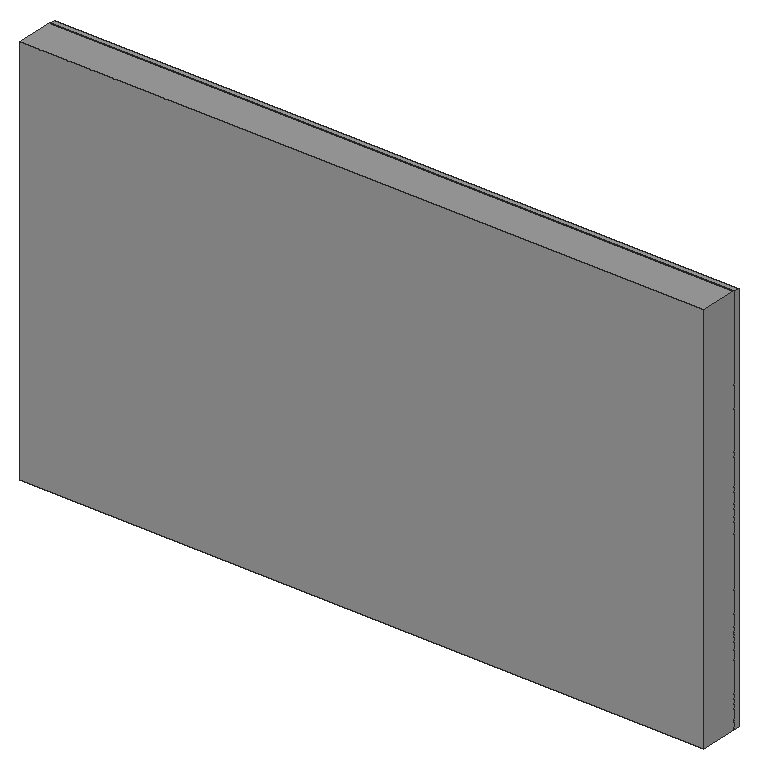
Revit family "Pluraluce M LED 1-s Sentr (høyre_veggmontasje)", category Lighting Fixtures, Revit 2013
Parameters (values of type "20m")
  Width = 10 mm
  Wattage Comments = "17 W"
  Wattage = 9.2903 W
  built-in parameter 1150110 = 1 (stored number, unit not read)
  Voltage = 230 V
  URL = ""
  built-in parameter 1114217 = 1 (stored number, unit not read)
  Tilt Angle = 90.00°
  built-in parameter 1150109 = 1 (stored number, unit not read)
  built-in parameter 1150134 = 3
  Symbol Positive Direction [instance] = yes
  Symbol Offset Side [instance] = 0 mm
  Symbol Offset Out [instance] = 0 mm
  built-in parameter 1150113 = 1 (stored number, unit not read)
  Reference Line Out [instance] = 50 mm
  Photometric Web File = "20x42A12.ies"
  Number of Poles = 1
  built-in parameter 1150105 = 109.82 (stored number, unit not read)
  Lumens = 1380 lm
  built-in parameter 1150115 = 1 (stored number, unit not read)
  Load Classification [instance] = Other
  Model = ""
  Manufacturer = ""
  built-in parameter 1150137 = (empty or 0)
  built-in parameter 1150139 = (empty or 0)
  Length 1 = Length - 30 mm  # 205 mm
  Length = 235 mm
  built-in parameter 1150112 = 1 (stored number, unit not read)
  built-in parameter 1150114 = 1 (stored number, unit not read)
  Lamp = "1"
  built-in parameter 1150132 = (empty or 0)
  built-in parameter 1150102 = (empty or 0)
  built-in parameter 1150107 = 3200 (stored number, unit not read)
  built-in parameter 1150138 = (empty or 0)
  built-in parameter 1150106 = 1.0982 (stored number, unit not read)
  Height 1 = Height - 30 mm  # 105 mm
  Height = 135 mm
  Emit from Rectangle Width = Height  # 135 mm
  Emit from Rectangle Length = Length  # 235 mm
  Emit Shape Visible in Rendering = no
  built-in parameter 1150104 = 13.8 (stored number, unit not read)
  Dimming Lamp Color Temperature Shift = <None>
  Description = ""
  Color Filter = 16777215
  Body Material and Colour = Default
  built-in parameter 1114218 = 1 (stored number, unit not read)
  built-in parameter 1150133 = 10 (stored number, unit not read)
  Assembly Code = ""
  Apparent Load = 17 VA
  30m = no
  20m = yes
Types (2, lengths in mm): name | Reference Line Out | Length 1 | Length | Height 1 | Height | Emit from Rectangle Width | Emit from Rectangle Length | 30m | 20m
  20m | 50 | 205 | 235 | 105 | 135 | 135 | 235 | no | yes
  30m | 139.852 | 305 | 335 | 155 | 185 | 185 | 335 | yes | no
Reference planes
  plane 1 "Light Source Axis (F/B)": y = 119.961
  plane 2 "Top": z = 83
  plane 3 "Light Source Axis (L/R)": x = 0
  plane 4 "Level": z = 0
  plane 5 "Bottom": z = -135
  plane 6: x = -117.5
  plane 7: x = 117.5
  plane 8: y = 132.961
  plane 9: y = 134.961
  plane 10: z = -15
  plane 11: x = -102.5
  plane 12: x = 102.5
  plane 13: z = -67.5
  plane 14: z = -120
Forms (mm)
  Extrusion 1, solid, material "Default" <- "Body Material and Colour"
    sketch origin (0, 119.961, 0) x (1, 0, 0) y (0, 0, 1)
      loop
        line (-117.5, 0) -> (-117.5, -135) -> (117.5, -135) -> (117.5, 0) -> (-117.5, 0)
    from 0 to -13
  Extrusion 2, solid, material "Default" <- "Body Material and Colour"
    sketch origin (0, 119.961, 0) x (1, 0, 0) y (0, 0, 1)
      loop
        line (-117.5, 0) -> (-117.5, -135) -> (117.5, -135) -> (117.5, 0) -> (-117.5, 0)
      loop
        line (-102.5, -15) -> (-102.5, -120) -> (102.5, -120) -> (102.5, -15) -> (-102.5, -15)
    from -15 to -13
Lines and regions (mm)
  model lines, style "InvisibleLines"
    curve 1: line (0, 119.961, 0) -> (0, 169.961, 0)
Dimensions and locks
  equal spacing: plane 6, plane 3 "Light Source Axis (L/R)", plane 7
  "Length": plane 6 to plane 7
  plane 8 to plane 1 "Light Source Axis (F/B)" = 13 mm
  locked: plane 9 to plane 8 at 2
  equal spacing: plane 4 "Level", plane 13, plane 5 "Bottom"
  "Height": plane 4 "Level" to plane 5 "Bottom"
  equal spacing: plane 11, plane 3 "Light Source Axis (L/R)", plane 12
  "Length 1": plane 11 to plane 12
  equal spacing: plane 10, plane 13, plane 14
  "Height 1": plane 10 to plane 14
  locked: plane 1 "Light Source Axis (F/B)" to plane 9 at 15
  "Reference Line Out": plane 1 "Light Source Axis (F/B)" to curve 1
  aligned and locked: plane 4 "Level" to level
  aligned and locked: plane 8 to nested 2
  aligned and locked: nested 2 to plane 13
  aligned and locked: plane 3 "Light Source Axis (L/R)" to nested 3
  aligned and locked: plane 1 "Light Source Axis (F/B)" to nested 3
  aligned and locked: plane 8 to nested 1
  aligned and locked: plane 4 "Level" to Extrusion 1 sketch curve
  aligned and locked: plane 6 to Extrusion 1 sketch curve
  aligned and locked: plane 5 "Bottom" to Extrusion 1 sketch curve
  aligned and locked: Extrusion 1 sketch curve to plane 7
  aligned and locked: Extrusion 1 to plane 8
  aligned and locked: plane 1 "Light Source Axis (F/B)" to Extrusion 1
  aligned and locked: plane 4 "Level" to Extrusion 2 sketch curve
  aligned and locked: Extrusion 2 sketch curve to plane 7
  aligned and locked: plane 5 "Bottom" to Extrusion 2 sketch curve
  aligned and locked: plane 6 to Extrusion 2 sketch curve
  aligned and locked: Extrusion 2 sketch curve to plane 10
  aligned and locked: plane 11 to Extrusion 2 sketch curve
  aligned and locked: plane 14 to Extrusion 2 sketch curve
  aligned and locked: Extrusion 2 sketch curve to plane 12
  aligned and locked: plane 8 to Extrusion 2
  aligned and locked: Extrusion 2 to plane 9
  aligned and locked: nested 1 to plane 13
  aligned and locked: plane 13 to imposter light
  aligned and locked: imposter light to plane 9
  aligned and locked: plane 1 "Light Source Axis (F/B)" to curve 1
  aligned and locked: plane 3 "Light Source Axis (L/R)" to curve 1
Nested families
  nested 1: "20m" at (0, 132.961, -67.5), visible <- "20m", type "20m"
  nested 2: "30m" at (0, 132.961, -67.5), visible <- "30m", type "30m"
  nested 3: "MarkeringslysS" at (0, 119.961, 0), type "Type 1"
Connectors
  electrical at (0, 119.961, 0), driven by "Number of Poles", driven by "Voltage", driven by "Apparent Load", driven by "Load Classification"
    settings: index 1, voltage 230 V, apparent load 0 VA, apparent load phase1 17 VA, apparent load phase2 0 VA, apparent load phase3 0 VA, power factor 1, load classification "Other", number of poles 1, system type 31, power factor state 1, is connector primary yes, connector utility no, sub classification motor no, connector description ""
Definition of nested family "20m"
  Parameters (values of type "20m")
    Material = yes
    L = 205 mm
    H = 135 mm
  Reference planes
    plane 1 "Center (Front/Back)": y = 0
    plane 2: z = 0
    plane 3 "Center (Left/Right)": x = 0
    plane 4: y = -2
  Forms (mm)
    Extrusion 1, solid, material "Green", visible <- "Material"
      sketch origin (453.48, 0, -265.275) x (1, 0, 0) y (0, 0, 1)
        loop
          line (-555.98, 317.775) -> (-555.98, 212.775) -> (-350.98, 212.775) -> (-350.98, 317.775) -> (-555.98, 317.775)
        loop
          line (-509.931, 246.157) -> (-498.461, 246.157) -> (-511.843, 259.539) -> (-464.049, 259.539) -> (-464.049, 271.01) -> (-511.843, 271.01) -> (-498.461, 284.392) -> (-509.931, 284.392) -> (-529.049, 265.275) -> (-509.931, 246.157)
        loop
          circle (-437.193, 303.483) r 7
        loop
          line (-431.459, 291.17) -> (-435.11, 287.519) -> (-431.017, 280.43) -> (-442.639, 270.677)
          arc (-442.639, 270.677) -> (-443.324, 269.361) -> (-442.878, 267.946) r 1.939
          line (-442.878, 267.946) -> (-441.216, 265.965)
          arc (-441.216, 265.965) -> (-439.9, 265.28) -> (-438.485, 265.726) r 1.939
          line (-438.485, 265.726) -> (-427.735, 274.746) -> (-422.813, 266.22) -> (-434.103, 256.746) -> (-434.103, 225.892)
          arc (-434.103, 225.892) -> (-433.157, 223.607) -> (-430.872, 222.661) r 3.232
          line (-430.872, 222.661) -> (-427.64, 222.661)
          arc (-427.64, 222.661) -> (-425.355, 223.607) -> (-424.409, 225.892) r 3.232
          line (-424.409, 225.892) -> (-424.409, 252.226) -> (-417.891, 257.695) -> (-412.727, 248.752) -> (-379.165, 248.752)
          arc (-379.165, 248.752) -> (-376.88, 249.699) -> (-375.934, 251.984) r 3.232
          line (-375.934, 251.984) -> (-375.934, 255.215)
          arc (-375.934, 255.215) -> (-376.88, 257.5) -> (-379.165, 258.447) r 3.232
          line (-379.165, 258.447) -> (-395.935, 258.447) -> (-412.211, 286.638) -> (-395.394, 283.363) -> (-389.337, 272.872)
          arc (-389.337, 272.872) -> (-388.11, 271.956) -> (-386.602, 272.215) r 1.939
          line (-386.602, 272.215) -> (-384.363, 273.669)
          arc (-384.363, 273.669) -> (-383.522, 274.892) -> (-383.792, 276.351) r 1.939
          line (-383.792, 276.351) -> (-392.221, 289.33) -> (-425.848, 295.878) -> (-431.459, 291.17)
      from 0 to 2
  Dimensions and locks
    aligned and locked: level to plane 2
Definition of nested family "30m"
  Parameters (values of type "30m")
    Material = yes
    L = 425.577 mm
    H = 260 mm
  Reference planes
    plane 1 "Center (Front/Back)": y = 0
    plane 2: z = 0
    plane 3 "Center (Left/Right)": x = 0
    plane 4: y = -2
  Forms (mm)
    Extrusion 1, solid, material "Green", visible <- "Material"
      sketch origin (0, 0, 0) x (1, 0, 0) y (0, 0, 1)
        loop
          line (-152.5, 77.5) -> (-152.5, -77.5) -> (152.5, -77.5) -> (152.5, 77.5) -> (-152.5, 77.5)
        loop
          line (-100.116, -33.333) -> (-80.116, -33.333) -> (-103.449, -10) -> (-20.116, -10) -> (-20.116, 10) -> (-103.449, 10) -> (-80.116, 33.333) -> (-100.116, 33.333) -> (-133.449, 0) -> (-100.116, -33.333)
        loop
          circle (34.197, 48.678) r 8.988
        loop
          line (41.559, 32.868) -> (36.872, 28.181) -> (42.127, 19.078) -> (27.204, 6.556)
          arc (27.204, 6.556) -> (26.324, 4.865) -> (26.897, 3.048) r 2.49
          line (26.897, 3.048) -> (29.031, 0.505)
          arc (29.031, 0.505) -> (30.721, -0.375) -> (32.538, 0.198) r 2.49
          line (32.538, 0.198) -> (46.341, 11.78) -> (52.661, 0.833) -> (38.164, -11.332) -> (38.164, -50.949)
          arc (38.164, -50.949) -> (39.379, -53.883) -> (42.313, -55.098) r 4.149
          line (42.313, -55.098) -> (46.463, -55.098)
          arc (46.463, -55.098) -> (49.397, -53.883) -> (50.612, -50.949) r 4.149
          line (50.612, -50.949) -> (50.612, -17.137) -> (58.981, -10.114) -> (65.611, -21.597) -> (108.705, -21.597)
          arc (108.705, -21.597) -> (111.639, -20.381) -> (112.855, -17.447) r 4.149
          line (112.855, -17.447) -> (112.855, -13.298)
          arc (112.855, -13.298) -> (111.639, -10.364) -> (108.705, -9.148) r 4.149
          line (108.705, -9.148) -> (87.172, -9.148) -> (66.274, 27.049) -> (87.867, 22.844) -> (95.645, 9.373)
          arc (95.645, 9.373) -> (97.22, 8.197) -> (99.157, 8.53) r 2.49
          line (99.157, 8.53) -> (102.032, 10.397)
          arc (102.032, 10.397) -> (103.111, 11.967) -> (102.764, 13.841) r 2.49
          line (102.764, 13.841) -> (91.942, 30.506) -> (48.764, 38.913) -> (41.559, 32.868)
      from 0 to 2
  Dimensions and locks
    aligned and locked: level to plane 2
    aligned and locked: plane 4 to Extrusion 1
    aligned and locked: Extrusion 1 to plane 1 "Center (Front/Back)"
    aligned and locked: Extrusion 1 to plane 4
Definition of nested family "MarkeringslysS"
  Parameters (values of type "Type 1")
    CQ Symbol Positive Direction = yes
    CQ Symbol Negative Direction = not(CQ Symbol Positive Direction)  # no
    CQ Symbol Offset Side = 0 mm
    CQ Symbol Offset Out = 0 mm
  Reference planes
    plane 1: y = 0
    plane 2: x = 0
  Dimensions and locks
    "CQ Symbol Offset Out": plane 1 to nested 1
    "CQ Symbol Offset Out": plane 1 to nested 2
    "CQ Symbol Offset Side": plane 2 to nested 2
    "CQ Symbol Offset Side": nested 1 to plane 2
  Nested families
    nested 1: "LedelysSub" at (0, 0, 0), visible <- "CQ Symbol Negative Direction", type "Type 1"
    nested 2: "LedelysSub" at (0, 0, 0), visible <- "CQ Symbol Positive Direction", type "Type 1"
  Definition of nested family "LedelysSub"
    Reference planes
      plane 1: y = 0
      plane 2: x = 0
    Lines and regions (mm)
      Filled region 1, type "Filled region 1"
        outline origin (64.576, 53.459, 0) x (1, 0, 0) y (0, 1, 0)
          loop
            arc (-65.575, -52.307) -> (-65.224, -51.459) -> (-65.575, -50.61) r 1.2
            line (-65.575, -50.61) -> (-66.424, -51.459) -> (-65.575, -52.307)
      Filled region 2, type "Filled region 1"
        outline origin (-68.271, 53.459, 0) x (0, 1, 0) y (-1, 0, 0)
          loop
            line (-52.307, -65.575) -> (-51.459, -66.424) -> (-50.61, -65.575)
            arc (-50.61, -65.575) -> (-51.459, -65.224) -> (-52.307, -65.575) r 1.2
      detail lines
        curve 1: line (-4, 0, 0) -> (4, 0, 0)
        curve 2: line (4, 0, 0) -> (4, 4, 0)
        curve 3: line (4, 4, 0) -> (-4, 4, 0)
        curve 4: line (-4, 4, 0) -> (-4, 0, 0)
        curve 5: line (-3.097, 0.75, 0) -> (-0.597, 3.25, 0)
        curve 6: line (-3.097, 3.25, 0) -> (-0.597, 0.75, 0)
        curve 7: circle (-1.847, 2, 0) r 1.2 normal (0, 0, 1)
    Text (mm)
      text "ML" at (2.179, 3.025, 0)
    Dimensions and locks
      aligned and locked: Filled region 1 sketch curve to curve 7
